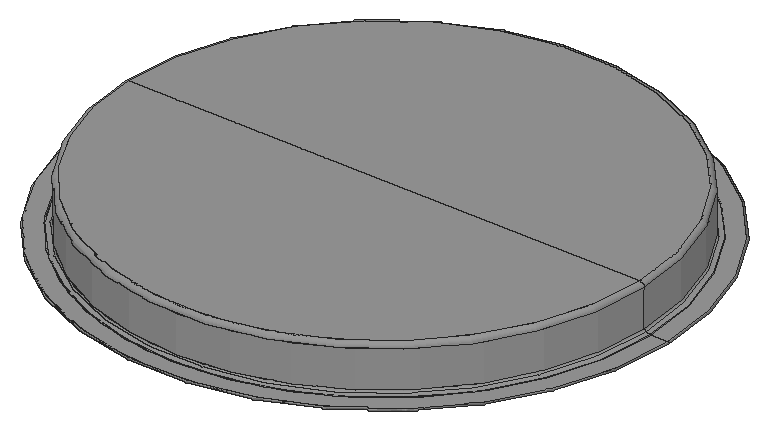
Revit family "MIA13_63_UN_Downlighter_ETK", category Lighting Fixtures, Revit 2017 (continued)
Definition of nested family "MIA.13 - Lightsource"
  Types (8, lengths in mm): name | Wattage | built-in parameter 1150134 | Photometric Web File | built-in parameter 1150142 | built-in parameter 1150105 | Lumens | built-in parameter 1150107 | built-in parameter 1150106
    MIA.1363.15 - Ø240 / 18W / 1980lm / 4000K | 13.3296 W | 12 | "MIA.1363.15_LDT.ies" | "IESNA91\r\n[MANUFAC]  www.etk.nl\r\n[LUMCAT] MIA.1363.15\r\n[LUMINAIRE] MIA.1 LED 18W 4000K ø240 1800Lm mat wit  Dimbaar DALI\r\n[LAMP] LED\r\n[CHANGED] this file converted to 'ies' from 'ldt' by IES Viewer v2.99n    (C) Andrey Legotin\r\nTILT=NONE\r\n1 189 0.189 101 36 1 2 0 -0.22 0\r\n1 1 18\r\n0 0.9 1.8 2.7 3.6 4.5 5.4 6.3 7.2 8.1 9 9.9 10.8 11.7 12.6 \r\n13.5 14.4 15.3 16.2 17.1 18 18.9 19.8 20.7 21.6 22.5 23.4 \r\n24.3 25.2 26.1 27 27.9 28.8 29.7 30.6 31.5 32.4 33.3 34.2 \r\n35.1 36 36.9 37.8 38.7 39.6 40.5 41.4 42.3 43.2 44.1 45 \r\n45.9 46.8 47.7 48.6 49.5 50.4 51.3 52.2 53.1 54 54.9 55.8 \r\n56.7 57.6 58.5 59.4 60.3 61.2 62.1 63 63.9 64.8 65.7 66.6 \r\n67.5 68.4 69.3 70.2 71.1 72 72.9 73.8 74.7 75.6 76.5 77.4 \r\n78.3 79.2 80.1 81 81.9 82.8 83.7 84.6 85.5 86.4 87.3 88.2 \r\n89.1 90 \r\n0 10 20 30 40 50 60 70 80 90 100 110 120 130 140 150 160 \r\n170 180 190 200 210 220 230 240 250 260 270 280 290 300 310 \r\n320 330 340 350 \r\n345.652 343.7612 343.769 344.0738 344.5113 345.0035 \r\n345.0035 344.3316 343.4409 342.183 340.386 338.5968 336.956 \r\n335.3543 334.073 333.2682 332.7135 331.8306 330.2992 \r\n328.7132 326.7287 324.3535 321.9236 318.9312 315.7669 \r\n313.087 311.0712 309.3835 307.6178 305.6333 303.6565 \r\n300.7813 297.492 294.0386 290.1711 286.1239 282.4674 \r\n279.4203 276.5997 273.7636 270.8884 268.0131 264.4113 \r\n260.5594 256.4575 251.8869 247.0271 242.3939 238.2295 \r\n234.1667 230.268 226.6427 223.0252 218.9312 214.6808 \r\n210.3133 205.7661 201.0938 196.2419 190.7571 185.2723 \r\n180.2953 175.7325 171.2243 166.8802 162.6143 158.0123 \r\n152.7932 147.2146 141.5501 135.5497 129.5414 123.8222 \r\n118.2436 112.8369 107.9069 103.3049 98.4374 92.976 87.2803 \r\n81.5689 75.8184 70.0602 64.841 59.8719 54.8949 49.7461 \r\n44.4566 39.1906 34.0417 28.9085 23.7675 18.6343 13.5011 \r\n9.7117 6.6568 3.6487 0.6407 0 0 0 \r\n345.652 344.4644 343.394 342.808 342.9018 343.269 343.4331 \r\n343.3315 343.0815 342.3236 341.0266 339.7062 337.4951 \r\n335.1746 333.2526 331.7837 330.5414 329.4867 328.7444 \r\n327.9084 326.3458 324.2675 322.0486 319.1343 316.0169 \r\n312.9541 309.9461 307.0552 304.6097 303.0002 301.3907 \r\n298.914 296.1872 293.2338 289.8195 286.1942 283.0143 \r\n280.4516 278.0373 275.6231 273.2088 268.3178 263.1299 \r\n258.4343 254.5199 250.9259 247.0193 242.6205 238.0342 \r\n233.4479 228.9007 224.3535 220.025 215.8919 211.7978 \r\n207.5475 203.1956 198.8046 194.3355 189.8039 185.1473 \r\n179.5453 173.9511 168.6225 163.4893 158.4499 153.5198 \r\n148.6991 143.8862 139.0812 134.2839 129.1898 123.369 \r\n117.4623 111.6259 105.852 100.2266 95.0152 90.2492 85.4051 \r\n79.9437 74.373 68.8413 63.3487 57.8717 52.8244 48.1366 \r\n43.3628 38.2999 32.9479 27.5959 22.4627 17.3217 12.8916 \r\n9.1413 5.7583 3.7034 3.1721 2.6486 2.1252 1.5939 \r\n345.652 345.8395 345.9723 345.9958 345.2692 344.191 \r\n342.9409 341.4173 339.8 338.5264 338.3077 338.0967 337.6201 \r\n337.0341 336.2372 334.8621 333.0963 331.0727 328.4632 \r\n325.7051 323.2206 321.361 319.5093 317.9702 316.5638 \r\n314.9699 312.9073 310.493 307.9381 304.8676 301.7423 \r\n298.328 294.6246 290.8821 288.1084 285.8348 283.4675 \r\n280.9048 278.178 275.2559 271.2009 267.1537 262.7549 \r\n258.0983 253.4651 249.371 245.6754 242.0658 238.6749 235.37 \r\n231.8775 227.4865 223.0877 218.3139 213.3135 208.3288 \r\n203.5784 199.0624 194.5777 190.1867 185.8192 181.2954 \r\n176.4825 171.6384 166.3646 160.8094 155.3246 150.1133 \r\n145.1598 140.175 134.8777 129.557 124.2519 118.9702 \r\n113.6886 108.5554 103.5472 98.3671 92.7651 86.8193 80.9126 \r\n75.6465 70.3805 65.3645 60.5907 55.8403 50.793 45.4332 \r\n40.0891 34.823 29.5961 24.4316 19.525 14.6418 10.5946 \r\n7.2193 4.0706 0.9141 0 0 0 \r\n345.652 344.4488 344.6754 345.0738 344.9957 344.48 343.6909 \r\n342.4408 340.5422 338.7061 337.417 336.3622 335.4793 \r\n335.0496 334.7449 333.8855 332.4713 330.7915 328.6663 \r\n325.9395 323.2049 320.7751 318.3842 316.306 314.6886 \r\n313.2667 311.454 309.1413 306.6802 303.7737 300.3985 \r\n297.0232 293.5151 289.9914 286.7724 283.9362 281.2642 \r\n278.4514 275.42 272.3494 269.0523 265.5911 261.9502 \r\n257.3639 252.5041 248.0428 244.0503 240.2922 236.7138 \r\n233.4948 230.268 226.088 221.6111 216.8998 211.6962 \r\n206.2817 201.2735 196.8435 192.5463 188.2491 183.9519 \r\n179.6468 174.7246 169.6383 164.38 158.8562 153.1995 147.785 \r\n142.8783 137.9952 133.0885 128.135 123.1815 117.9389 \r\n112.6182 107.3521 102.172 97.0154 91.6712 85.8348 80.0063 \r\n74.5293 69.2476 64.0128 58.8874 53.8089 48.8866 44.1831 \r\n39.55 34.7136 29.3617 24.0097 19.1343 14.4621 10.3211 \r\n7.4068 5.266 3.6722 3.219 3.0002 2.7893 \r\n345.652 343.8941 342.7377 342.0111 341.9564 342.1674 \r\n342.3236 342.3939 342.3392 341.7689 340.5344 339.2921 \r\n337.1357 334.823 332.8385 331.2915 329.9789 328.8069 \r\n327.9084 326.963 325.6114 323.9081 322.072 319.1577 \r\n315.9387 312.8526 309.9305 307.1412 304.7269 303.1487 \r\n301.5704 299.0937 296.2731 293.2651 289.8039 286.1317 \r\n282.4674 278.7874 275.1543 271.7712 268.8726 265.9739 \r\n262.5908 259.0593 255.2856 251.0821 246.6286 242.2142 \r\n237.878 233.5573 229.3617 225.3379 221.3142 217.3217 \r\n213.3292 209.2117 204.891 200.4219 195.7028 190.1633 \r\n184.6316 179.3734 174.3027 169.3648 165.1457 161.2782 \r\n157.0045 152.0431 146.7146 141.3079 135.6747 130.0492 \r\n124.4082 118.7749 113.3292 108.485 104.0472 99.3437 94.0542 \r\n88.5772 83.1393 77.7873 72.4353 67.3178 62.333 57.3404 \r\n52.2853 47.1677 42.097 37.1904 32.2994 27.674 23.3378 \r\n19.0327 14.7746 10.5399 6.3052 2.0705 0 0 0 \r\n345.652 345.6051 344.4175 343.0893 342.0423 341.222 \r\n340.5813 340.2766 340.4016 340.4407 339.7922 338.9249 \r\n337.792 336.1356 334.3464 332.2447 329.8695 327.6037 \r\n325.8301 324.6504 323.4784 322.1345 320.7751 318.9468 \r\n316.5169 313.8605 310.7821 307.1959 303.7034 300.6329 \r\n297.9373 295.2965 293.2651 291.3196 288.8351 285.7958 \r\n282.4518 278.7483 274.4824 270.2711 266.4739 262.919 \r\n259.4031 256.0513 252.7385 249.2382 245.527 241.722 237.792 \r\n233.6433 229.4945 224.5097 219.3374 214.3839 209.907 \r\n205.6411 201.3126 196.906 192.4916 188.1006 183.7409 \r\n179.3734 173.9277 168.2788 162.7471 157.3795 152.0978 \r\n147.1677 142.9252 138.6358 133.8933 128.7288 123.5331 \r\n118.0717 112.5322 107.2115 102.172 97.242 92.2181 86.9599 \r\n81.7017 76.3966 71.0759 65.7864 60.5829 55.434 50.5586 \r\n46.1052 41.7689 37.2607 32.3697 27.4787 22.7518 18.0717 \r\n13.837 10.4618 7.61 5.3598 4.3597 3.555 2.7502 \r\n345.652 344.0894 344.4097 344.9098 344.7613 344.3003 \r\n343.5268 342.2455 340.6672 339.0968 337.5654 336.0263 \r\n335.2606 334.9168 334.5418 333.6667 332.4635 331.0102 \r\n329.0257 326.8302 324.5019 321.7751 319.0562 316.8216 \r\n314.8215 312.8916 311.0009 309.1492 307.0865 304.305 \r\n301.4142 298.3671 295.1168 291.8353 288.3897 284.8504 \r\n281.4829 278.4593 275.7169 272.9432 269.9117 266.8802 \r\n263.2471 259.1218 254.8402 250.3242 245.6208 241.1829 \r\n237.3935 233.987 230.518 226.713 222.908 218.7124 214.2433 \r\n209.5867 204.5082 199.0312 193.7183 188.9757 184.4285 \r\n179.9281 175.5293 171.1306 166.3333 161.2548 156.1919 \r\n151.3087 146.613 141.8001 136.0341 130.1274 124.5332 \r\n119.3453 114.2746 109.1804 104.0628 99.0155 94.1402 89.4289 \r\n84.7019 79.3499 73.998 68.7163 63.5128 58.3874 53.6683 \r\n49.4179 45.1051 40.5657 35.8778 31.1977 26.4943 21.7908 \r\n17.6264 13.9386 10.4149 6.8834 3.3596 0 0 \r\n345.652 344.6519 344.7613 345.0113 344.5504 343.6987 \r\n342.6127 341.0891 339.2453 337.5576 336.8466 336.1434 \r\n335.5731 335.1121 334.6043 333.487 331.9087 330.0805 \r\n327.674 324.9473 322.283 319.9625 317.642 315.7747 314.212 \r\n312.626 310.7118 308.485 306.0708 302.9924 299.7109 \r\n296.3669 292.8823 289.3898 286.2255 283.2721 280.3813 \r\n277.5217 274.6933 271.8181 268.5288 265.1926 261.3642 \r\n256.9419 252.3635 247.8866 243.4878 239.3234 235.7606 \r\n232.6901 229.5648 225.2051 220.8454 216.1184 211.0634 \r\n205.8911 200.9063 196.1638 191.4837 186.8818 182.3971 \r\n177.9123 173.1698 168.3882 163.6222 158.903 154.1917 \r\n149.1523 143.4643 137.7998 132.3619 127.1349 121.9314 \r\n116.9857 112.1025 107.2896 102.5783 97.8592 92.851 87.1865 \r\n81.522 76.0841 70.7321 65.7864 62.2158 59.2703 56.3247 \r\n52.5432 46.8943 40.6672 34.5261 29.8539 25.1895 21.0016 \r\n17.2435 13.6573 10.3211 7.2584 4.1956 1.1329 0 \r\n345.652 343.0268 342.2142 341.7845 341.9798 342.4799 \r\n342.683 342.4564 341.9877 341.2063 339.6672 338.128 \r\n336.0653 333.8151 331.8462 330.5883 329.7836 328.9241 \r\n327.9319 326.8693 325.4082 323.2049 321.0095 318.1264 \r\n315.0012 312.04 309.4304 307.0474 304.7504 302.7502 \r\n300.7579 298.3514 295.609 292.8041 289.6789 286.3974 \r\n282.8737 278.9124 274.7402 270.7712 267.6459 264.5207 \r\n261.2392 257.8717 254.4418 250.8243 247.0818 243.0737 \r\n238.4796 233.6823 229.0023 224.7676 220.5329 216.7122 \r\n213.1026 209.3054 204.9301 200.0781 195.1559 190.007 \r\n184.8191 179.7953 175.0059 170.2399 165.4582 160.661 \r\n155.8403 150.9493 146.0036 140.9798 135.2606 129.5414 \r\n124.2128 119.2359 114.3292 109.2507 104.0316 98.8437 \r\n93.7261 88.6397 83.444 77.4748 71.4978 65.5207 60.7938 \r\n56.7701 52.8244 48.8632 44.8863 40.886 36.8232 32.5572 \r\n28.2913 24.1191 19.9937 16.0091 12.376 9.0398 5.6958 2.3517 \r\n0 \r\n345.652 347.9803 348.6757 349.1679 349.1523 348.6835 \r\n347.9412 346.7224 344.8629 343.0971 342.058 341.261 \r\n340.5891 340.1985 339.8937 339.0968 337.8311 336.3466 \r\n334.4636 332.0806 329.6976 327.0802 324.4472 322.2596 \r\n320.7047 319.4 317.7045 315.4934 313.1963 310.6415 307.8287 \r\n304.9535 301.1407 297.2185 293.7573 290.8274 288.1475 \r\n285.5457 283.069 280.4985 277.1779 273.4042 269.4976 \r\n264.9895 260.3172 256.0747 252.3088 248.7304 245.1598 \r\n241.6361 238.1124 233.8776 229.4789 224.8848 219.9156 \r\n214.7824 209.8289 205.141 200.5313 196.0466 191.7494 \r\n187.4443 182.694 177.8498 173.0213 168.2085 163.4112 \r\n158.3014 152.5588 146.8474 141.4876 136.4872 131.5103 \r\n126.9396 122.4861 117.6811 112.415 106.899 101.336 95.6403 \r\n89.9523 84.6394 79.4906 74.4902 69.9664 65.6614 61.1532 \r\n56.3169 51.379 46.4724 41.6439 36.8154 32.7291 28.8773 \r\n25.0332 21.0954 17.1029 13.1182 9.1257 5.1332 1.1407 \r\n345.652 347.1756 346.3396 345.6598 345.5192 345.5817 \r\n345.6911 345.863 345.9411 345.6208 344.5582 343.4956 \r\n342.0111 340.2297 338.378 336.5185 334.6668 332.9323 \r\n331.565 330.5727 329.5882 328.01 326.4005 324.2988 321.6267 \r\n318.7358 315.6418 312.2978 309.1492 306.7271 304.9066 \r\n303.0237 300.6876 298.2889 295.4293 292.0931 288.5069 \r\n284.6238 280.2953 276.0528 272.4979 269.2788 266.0833 \r\n262.9346 259.8094 256.3013 252.3947 248.3553 244.2535 \r\n240.0422 235.8387 230.9555 225.9552 221.2204 216.9466 \r\n212.8604 208.8679 204.9848 201.0079 196.5544 191.5384 \r\n186.5146 180.9594 175.3262 169.8492 164.591 159.4578 \r\n154.6449 150.4414 146.1599 141.3392 136.0497 130.7133 \r\n125.0879 119.3843 113.9386 108.8366 103.8831 98.9062 93.898 \r\n88.8819 83.7253 78.5139 73.4354 68.7866 64.3332 59.6453 \r\n54.6136 49.5195 44.6207 40.1047 35.5887 31.1665 26.7755 \r\n22.5955 18.8296 15.3059 11.8369 8.4772 5.141 1.797 \r\n345.652 346.3005 347.2224 348.1053 348.285 348.1288 347.66 \r\n346.6521 345.3473 343.9409 342.1752 340.4094 339.5031 \r\n339.0343 338.6046 337.9639 337.1904 336.0809 334.2292 \r\n332.1197 329.7914 326.8849 323.9784 321.5876 319.439 \r\n317.4857 315.8762 314.5246 312.9073 310.3524 307.6568 \r\n304.516 300.836 297.0935 293.6323 290.3117 287.1709 \r\n284.3503 281.772 279.0843 275.7481 272.4041 268.8882 \r\n265.2395 261.4814 257.1451 252.3791 247.8162 243.73 \r\n239.8859 236.0341 232.0728 228.1116 224.1347 220.1422 \r\n215.97 211.2118 205.9067 200.6407 195.5387 190.4993 \r\n185.8192 181.8658 177.9983 173.4432 168.4507 163.3018 \r\n157.9577 152.4338 146.9646 141.933 136.956 131.9009 \r\n126.7521 121.5876 116.4622 111.3681 106.2114 100.8751 \r\n95.4059 89.9602 85.1004 80.2485 75.2715 70.2008 65.1223 \r\n60.1844 55.395 50.6836 46.2536 41.9798 37.6201 32.9323 \r\n28.1975 23.6581 19.2828 14.9465 10.618 6.2896 1.9533 0 \r\n345.652 345.4332 345.3004 345.1754 345.3785 345.8083 \r\n346.1599 346.0974 345.5817 344.941 343.3784 341.6126 \r\n339.7609 337.7608 335.7294 334.4714 333.9011 333.2839 \r\n332.3072 330.9868 329.6586 327.3381 325.002 322.408 \r\n319.5406 316.5872 313.962 311.7275 309.5164 307.4146 \r\n305.4067 303.3206 300.6954 297.9998 294.7183 290.8821 \r\n286.8583 282.9752 279.2953 275.67 272.5135 269.5757 \r\n266.5833 263.4346 260.2469 256.4966 252.1681 247.6365 \r\n242.9174 237.9405 232.9557 229.2914 225.8301 222.1892 \r\n218.1967 214.0714 209.5867 204.641 199.6718 194.7808 \r\n189.9836 185.1863 180.1703 175.1152 170.1617 165.3332 \r\n160.5594 155.6372 150.4493 145.277 140.2297 135.284 \r\n130.2524 124.7051 119.0093 113.5479 108.3522 103.3206 \r\n98.4686 93.9917 89.507 84.2253 78.6546 73.1151 67.724 \r\n62.4033 57.4264 52.9416 48.5507 44.0347 39.2687 34.5027 \r\n29.6429 24.7597 20.0797 15.7747 11.6728 8.2272 6.1099 \r\n4.1097 2.1017 \r\n345.652 347.8631 348.0272 347.9334 347.1365 345.9333 \r\n344.6754 343.4956 342.5424 341.9252 341.3079 341.011 \r\n340.8157 340.3703 339.2921 337.9327 336.2685 334.1667 \r\n331.9478 329.6117 327.0959 324.58 323.0643 321.7908 \r\n320.4157 318.814 317.0795 314.9387 311.9775 308.946 \r\n305.6645 302.0939 298.5311 295.6793 293.0541 290.4446 \r\n287.8428 285.2567 282.4596 278.9359 275.2559 271.4821 \r\n267.5678 263.6378 259.489 255.2231 251.0977 247.3084 \r\n243.8159 240.3078 236.706 233.0963 228.9945 224.4238 \r\n219.7203 214.673 209.3445 204.2738 199.8047 195.734 \r\n191.6243 187.2021 182.7721 177.967 172.8729 167.6459 \r\n162.1767 156.481 150.9337 145.9567 141.222 136.4325 \r\n131.4868 126.5255 121.3298 115.9544 110.6258 105.5082 \r\n100.6407 95.695 90.0852 84.366 78.8265 73.5448 68.3413 \r\n63.2159 58.1686 53.2073 48.4647 43.9331 39.4093 34.3933 \r\n29.3851 24.5332 19.8531 15.2903 11.3915 8.2663 5.141 2.0158 \r\n0 \r\n345.652 345.863 346.4568 347.0974 347.199 346.8005 346.1286 \r\n345.0895 343.5425 342.0111 340.5813 339.1827 338.0655 \r\n337.5811 337.2763 336.5263 335.3387 333.9558 332.276 \r\n330.2055 328.135 325.3145 322.4158 319.8531 317.8608 \r\n316.095 314.3917 312.751 310.9852 308.6569 305.7192 \r\n302.7737 299.0624 295.2574 291.7025 288.46 285.3817 \r\n282.4596 279.8344 277.1467 274.0058 270.5368 266.9662 \r\n262.8018 258.4733 254.1761 249.918 245.7145 241.6283 \r\n237.792 233.9558 230.0492 226.127 222.1502 218.0561 \r\n213.9151 209.321 204.0941 198.7421 193.5307 188.5616 \r\n183.5925 179.4281 175.4668 171.2087 166.388 161.2548 \r\n155.9966 150.4961 144.9723 139.3625 133.6667 127.9709 \r\n123.1424 118.5483 113.7511 108.6335 103.3362 97.953 92.3197 \r\n86.6865 81.4282 76.3732 71.3103 66.1145 60.8563 55.6762 \r\n50.6055 45.6208 40.7766 36.2919 31.815 26.9787 22.0017 \r\n17.1732 12.8369 8.8132 5.6489 4.3128 3.4143 2.5158 \r\n345.652 344.7066 345.2926 345.9489 346.2614 346.4177 \r\n346.1911 345.4098 344.3785 343.0034 340.9251 338.8546 \r\n337.7764 336.9873 336.3075 335.7215 335.1981 334.323 \r\n332.7057 330.9477 328.6976 325.7598 322.8221 320.4313 \r\n318.2124 316.1888 314.4855 312.9698 311.204 308.696 \r\n306.1958 303.0627 299.539 295.9762 292.4525 288.9601 \r\n285.7176 282.8893 280.2563 277.5061 274.4121 271.3181 \r\n267.8412 264.1769 260.3016 255.895 251.129 246.5974 \r\n242.5736 238.7061 234.9793 231.5962 228.2053 224.0878 \r\n219.6578 214.9934 209.9695 204.6722 199.414 194.2964 \r\n189.1867 184.6863 180.8188 177.0295 172.4119 167.3725 \r\n162.1767 156.6841 150.9962 145.4098 140.4328 135.4481 \r\n130.3461 125.1582 119.9312 114.6027 109.1882 103.8753 \r\n98.7968 93.8198 88.6944 82.9362 77.1701 71.6228 66.2083 \r\n60.9657 56.1528 51.7306 47.1521 42.0267 36.7607 31.565 \r\n26.4943 21.4392 16.6966 12.1494 7.6334 3.1174 0 0 0 \r\n345.652 347.6443 347.3162 346.699 345.8786 344.6363 \r\n343.1284 341.9252 341.347 340.8938 340.5266 340.3078 \r\n340.0969 339.2453 338.1905 336.9169 335.3153 333.5026 \r\n331.6822 329.8539 327.9006 325.5879 323.2753 321.4314 \r\n319.814 318.0483 315.845 313.2667 310.5868 307.5006 304.18 \r\n300.8673 297.7342 294.6324 291.8197 289.421 287.2412 \r\n284.6472 281.2017 277.6701 273.6464 269.0991 264.5988 \r\n260.7782 257.1607 253.6683 250.3555 247.1052 243.5815 \r\n239.4015 235.2293 230.9555 226.6349 222.197 217.306 \r\n212.1963 207.3521 202.8987 198.578 194.1792 189.5695 \r\n184.9598 180.35 175.7481 170.8884 1
